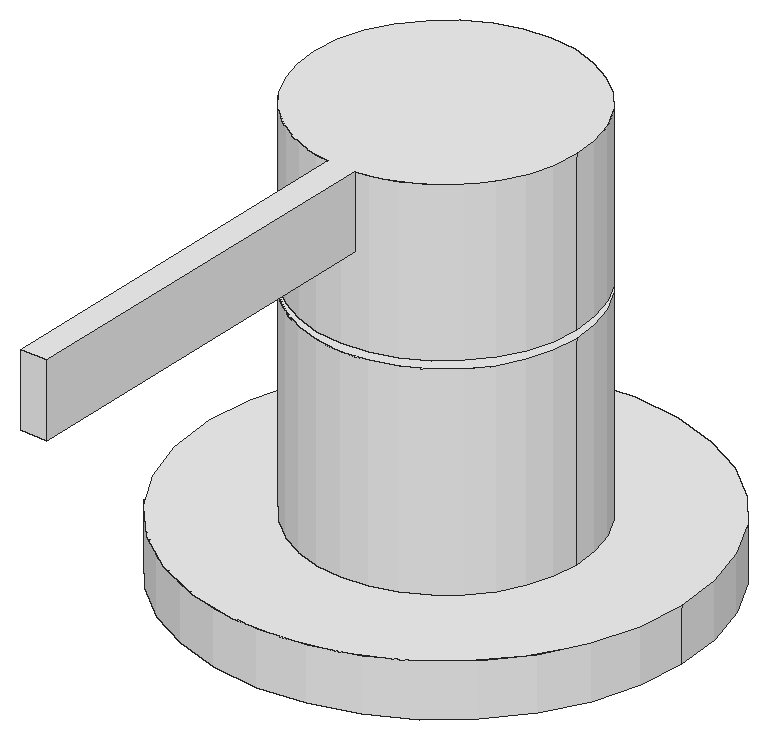
Revit family "KEUCO_59551019501", category Allgemeines Modell, Revit 2016
Family settings
  Teiletyp = Normal
  Kann Basisbauteil für Bewehrung sein = Nein
  Bemaßung runder Anschluss = Durchmesser verwenden
  Arbeitsebenenbasiert = Ja
  Immer vertikal = Nein
  Beim Laden mit Abzugskörper schneiden = Nein
  Gemeinsam genutzt = Nein
  Raumberechnungspunkt = Nein
Parameters (values of type "59551019501")
  Verwendung = "DU / WA"  # constant formula
  Preisgruppe = ""
  Kategorie = ""
  Gewicht = 0
  Breite = 45 mm
  URL = "https://www.keuco.com/de/produkte/sortiment/artikel/?pid=59551&oid=1&pgo=2&country=de&lang=de&vid=59551019501"
  Materialien bei Hersteller anfragen = "Anfrage zu:  objektmanagement@keuco.de"
  Beschreibung = "Mischwasserkartusche mit keramischen Dichtscheiben\r\nund Temperaturbegrenzung\r\nFertigset bestehend aus:\r\nHebel, Hülse, Rosette (rund) und Funktionseinheit,\r\npassend für UP Funktionseinheit Art.-Nr. 59551 000070"
  Default Elevation = 1219.2 mm
  Serie = "Plan"  # constant formula
  Material = Stahl, verchromt
  Hersteller = "KEUCO"  # constant formula
  Assembly Code = ""
  Ausschreibungstext = "KEUCO IXMO Einhebelmischer UP DN15, 59551019501\r\nhochglanzverchromter Einhebelmischer \r\nfür Dusche und Wanne aus entzinkungsarmen Messing,\r\nmit runder Rosette, frei positionierbar,\r\nintegrierter Einbautiefenausgleich von 80 - 110 mm, \r\nGehäuse schallentkoppelt,\r\nhochwertige Mischwasserkartusche \r\nmit keramischen Dichtscheiben und Temperaturbegrenzung,\r\nFertigset bestehend aus:\r\nHebel, Hülse, Rosette (rund) und Funktionseinheit,\r\nGesamthöhe mit Griff 130 mm, Rosettendurchmesser 90 mm, \r\nStärke 10 mm, Gesamtausladung 80 mm,\r\npassend für UP Funktionseinheit Art.–Nr. 59551000070"
  Artikelnummer = "59551019501"
Types (2, lengths in mm): name | URL | Beschreibung
  (no name) | "https://www.keuco.com" | "Fertigset bestehend aus:\r\nGriff, Gehäuse, Rosette (rund) und Umstellventil\r\npassend für UP Funktionseinheit Art.-Nr. 59548 000070"
  59551019501 | "https://www.keuco.com/de/produkte/sortiment/artikel/?pid=59551&oid=1&pgo=2&country=de&lang=de&vid=59551019501" | "Mischwasserkartusche mit keramischen Dichtscheiben\r\nund Temperaturbegrenzung\r\nFertigset bestehend aus:\r\nHebel, Hülse, Rosette (rund) und Funktionseinheit,\r\npassend für UP Funktionseinheit Art.-Nr. 59551 000070"
Values of the unnamed type that differ from the named types
  Materialien bei Hersteller anfragen = "Request to:  objektmanagement@keuco.de"
  Ausschreibungstext = "KEUCO IXMO 3- Wege Umstellventil UP DN15, 59548010001\r\n3– Wege Umstellventil aus hochglanzverchromten Messing, \r\nmit IXMO Griff Pure und runder Rosette,\r\nfrei positionierbar,\r\nintegrierter Einbautiefenausgleich von 80 - 110 mm,\r\neigensicher gegen Rückfließen,\r\nmit Justier-Möglichkeit bei Feinmontage \r\nfür Bedienteil und Rosette,\r\nRosettendurchmesser 90 mm, Stärke 10 mm,\r\nGesamtausladung 80 mm,\r\nFertigset bestehend aus: \r\nGriff, Hülse, Rosette (rund) und Umstellventil,\r\npassend für UP Funktionseinheit Art.–Nr. 59548000070"
Reference planes
  plane 1 "Center (Front/Back)": y = 0
  plane 2: z = 0
  plane 3 "Center (Left/Right)": x = 0
  plane 4: z = 80
Forms (mm)
  Extrusion 1, solid, material "Stahl, verchromt" <- "Material"
    sketch origin (0, 16.5, 20) x (0, 1, 0) y (-1, 0, 0)
      loop
        circle (-16.5, 0) r 45
    from -20 to -10
  Extrusion 2, solid, material "Stahl, verchromt" <- "Material"
    sketch origin (0, 16.5, 20) x (0, 1, 0) y (-1, 0, 0)
      loop
        circle (-16.5, 0) r 25
    from -10 to 28.524
  Extrusion 3, solid, material "Stahl, verchromt" <- "Material"
    sketch origin (0, 16.5, 60) x (1, 0, 0) y (0, 1, 0)
      loop
        circle (0, -16.5) r 25
    from -10 to 20
  Extrusion 4, solid, material "Stahl, verchromt" <- "Material"
    sketch origin (0, 16.5, 20) x (0, 1, 0) y (-1, 0, 0)
      loop
        line (-39.628, 2.5) -> (-114.628, 2.5) -> (-114.628, -2.5) -> (-39.628, -2.5) -> (-39.628, 2.5)
    from 46.32 to 60
Cuts and joins
  joined: Extrusion 3, Extrusion 4
Dimensions and locks
  plane 4 to plane 2 = 80 mm
  Extrusion 3 to Extrusion 3 = 30 mm
  aligned and locked: level to plane 2
